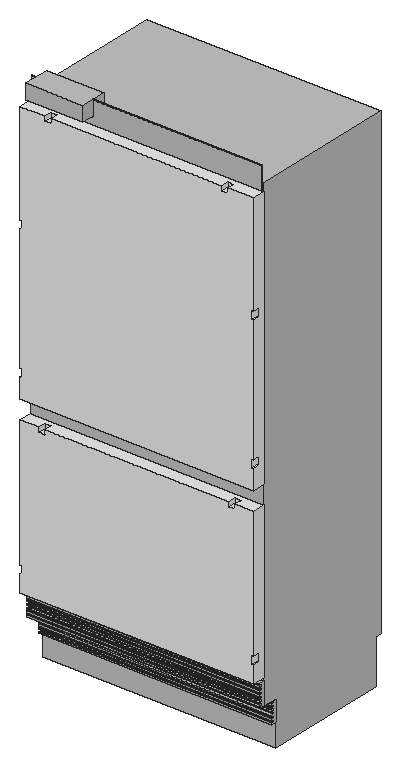
Revit family "FP_Revit_18_RS9120WLJ1_Fridge_90001178A", category Specialty Equipment, Revit 2018
Family settings
  Round Connector Dimension = Use Diameter
  Part Type = Normal
  OmniClass Number = 23.40.40.11.11.17
  OmniClass Title = Refrigerator-Freezer
  Work Plane-Based = No
  Always vertical = Yes
  Cut with Voids When Loaded = Yes
  Shared = No
  Room Calculation Point = No
Parameters
  Visibility - Visibility Control Note = yes
  Visibility - Clearance Required = yes
  URL = "www.fisherpaykel.com"
  Stainless Steel Door Panels (RD9120WL) = no
  Product - Width = 906 mm  # constant formula
  Product - Height = 2028 mm  # constant formula
  Product - Depth = 606 mm  # constant formula
  Model = "RS9120WLJ1"
  Material - Door Structure = Fisher & Paykel - White
  Material - Door Front = Fisher & Paykel - Stainless Steel
  Material - Body = Fisher & Paykel - Grey
  Manufacturer = "Fisher & Paykel Appliances"
  Handle Style - Contemporary Square Fine Black (AHD5RD9120WB) = no
  Handle Style - Contemporary Square Fine (AHD5RD9120W) = no
  Handle Style - Contemporary Square (RS91W) = no
  Handle Style - Contemporary Round (25339 AHS-ASBI-B) = no
  Handle Offset = 870 mm  # constant formula
  Description = "91cm Integrated Refrigerator Freezer, Ice"
  Connector Description - Water = "13mm or 19mm BSP threaded water connection 6.35mm tubing"
  Connector Description - Electrical = "230 V, 50Hz, 10 A, fused electrical supply"
  Chassis - Width = 890 mm  # constant formula
  Chassis - Height = 1970 mm  # constant formula
  Chassis - Depth = 606 mm  # constant formula
  Cavity - Width = 914 mm  # constant formula
  Cavity - Height = 2032 mm  # constant formula
  Cavity - Depth = 635 mm  # constant formula
Reference planes
  plane 1 "Datum": y = 0
  plane 2: z = 0
  plane 3 "Center (Left/Right)": x = 0
  plane 4 "Cavity - Depth": y = 635
  plane 5 "Product - Depth": y = 606
  plane 6 "Cavity - Height": z = 2032
  plane 7 "Door Panel 18mm": y = -18
  plane 8 "Product - RHS": x = 453
  plane 9 "Product - LHS": x = -453
  plane 10 "Product - Height": z = 2028
  plane 11 "Cavity - RHS": x = 457
  plane 12 "Cavity - LHS": x = -457
  plane 13 "Handle Offset": x = 387.98
Forms (mm)
  Extrusion 1, solid, material "Fisher & Paykel - Clearance Required", visible <- "Visibility - Clearance Required", detail levels coarse
    sketch origin (0, 0, 0) x (1, 0, 0) y (0, 1, 0)
      loop
        line (-457, 635) -> (-457, 0) -> (457, 0) -> (457, 635) -> (-457, 635)
    from 0 to 2032
  Extrusion 2, solid, material "Fisher & Paykel - Clearance Required", visible <- "Visibility - Clearance Required", detail levels coarse
    sketch origin (0, 0, 0) x (1, 0, 0) y (0, 1, 0)
      loop
        arc (-453, -18) -> (-45.989, -808.668) -> (841.563, -864.024) r 900.279
        line (841.563, -864.024) -> (817.765, -812.207) -> (854.623, -795.279) -> (848.228, -781.355) -> (811.37, -798.283) -> (453, -18) -> (-453, -18)
    from 877.998 to 2032
  Extrusion 3, solid, material "Fisher & Paykel - White" <- "Material - Door Structure"
    sketch origin (0, 0, 0) x (1, 0, 0) y (0, 0, 1)
      loop
        line (-445, 1939.998) -> (-445, 938.998) -> (445, 938.998) -> (445, 1939.998) -> (-445, 1939.998)
      loop
        line (-445, 867.998) -> (-445, 276.998) -> (445, 276.998) -> (445, 867.998) -> (-445, 867.998)
    from -50 to 0
  Extrusion 4, solid, material "Fisher & Paykel - Grey" <- "Material - Body"
    sketch origin (0, 0, 0) x (0, 1, 0) y (0, 0, 1)
      loop
        line (50, 181.998) -> (106, 181.998) -> (106, 12.998) -> (584, 12.998) -> (584, 181.998) -> (606, 181.998) -> (606, 1970) -> (50, 1970) -> (50, 181.998)
    from -445 to 445
  Extrusion 5, solid, material "Fisher & Paykel - Grey" <- "Material - Body", detail levels fine
    sketch origin (0, 0, 0) x (0, 1, 0) y (0, 0, 1)
      loop
        line (106, 176.998) -> (96, 176.998) -> (96, 170.998) -> (88, 170.998) -> (88, 165.998) -> (96, 165.998) -> (96, 157.998) -> (88, 157.998) -> (88, 152.998) -> (96, 152.998) -> (96, 144.998) -> (88, 144.998) -> (88, 139.998) -> (96, 139.998) -> (96, 131.998) -> (88, 131.998) -> (88, 126.998) -> (96, 126.998) -> (96, 118.998) -> (88, 118.998) -> (88, 113.998) -> (96, 113.998) -> (96, 105.998) -> (88, 105.998) -> (88, 100.998) -> (106, 100.998) -> (106, 176.998)
      loop
        line (32, 265.998) -> (32, 259.998) -> (40, 259.998) -> (40, 251.998) -> (32, 251.998) -> (32, 246.998) -> (40, 246.998) -> (40, 238.998) -> (32, 238.998) -> (32, 233.998) -> (40, 233.998) -> (40, 225.998) -> (32, 225.998) -> (32, 220.998) -> (40, 220.998) -> (40, 212.998) -> (32, 212.998) -> (32, 207.998) -> (40, 207.998) -> (40, 199.998) -> (32, 199.998) -> (32, 194.998) -> (40, 194.998) -> (40, 186.998) -> (32, 186.998) -> (32, 181.998) -> (50, 181.998) -> (50, 265.998) -> (32, 265.998)
    from -445 to 445
  Extrusion 6, void
    sketch origin (0, 0, 0) x (1, 0, 0) y (0, 0, 1)
      loop
        line (-373.5, 867.998) -> (-373.5, 851.998) -> (-350.5, 851.998) -> (-350.5, 867.998) -> (-373.5, 867.998)
      loop
        line (350.5, 867.998) -> (350.5, 851.998) -> (373.5, 851.998) -> (373.5, 867.998) -> (350.5, 867.998)
      loop
        line (445, 372.998) -> (437.8, 372.998) -> (437.8, 342.998) -> (445, 342.998) -> (445, 372.998)
      loop
        line (326.25, 1939.998) -> (326.25, 1923.398) -> (349.25, 1923.398) -> (349.25, 1939.998) -> (326.25, 1939.998)
      loop
        line (-349.25, 1939.998) -> (-349.25, 1923.398) -> (-326.184, 1923.398) -> (-326.184, 1939.998) -> (-349.25, 1939.998)
      loop
        line (445, 1522.498) -> (445, 1552.498) -> (437.8, 1552.498) -> (437.8, 1522.498) -> (445, 1522.498)
      loop
        line (437.8, 1044.998) -> (437.8, 1014.998) -> (445, 1014.998) -> (445, 1044.998) -> (437.8, 1044.998)
      loop
        line (-445, 372.998) -> (-445, 342.998) -> (-437.8, 342.998) -> (-437.8, 372.998) -> (-445, 372.998)
      loop
        line (-445, 1522.498) -> (-437.8, 1522.498) -> (-437.8, 1552.498) -> (-445, 1552.498) -> (-445, 1522.498)
      loop
        line (-437.8, 1044.998) -> (-445, 1044.998) -> (-445, 1014.998) -> (-437.8, 1014.998) -> (-437.8, 1044.998)
    from -27.955 to 0
  Extrusion 7, solid, material "Fisher & Paykel - Grey" <- "Material - Body", detail levels medium+fine
    sketch origin (0, 0, 0) x (1, 0, 0) y (0, 0, 1)
      loop
        line (-205, 2027.998) -> (-422, 2027.998) -> (-422, 1969.998) -> (-205, 1969.998) -> (-205, 2027.998)
    from -98 to 0
  Extrusion 8, solid, material "Fisher & Paykel - Grey" <- "Material - Body", detail levels medium+fine
    sketch origin (0, 0, 0) x (1, 0, 0) y (0, 0, 1)
      loop
        line (439, 2027.998) -> (-205, 2027.998) -> (-205, 1969.998) -> (-422, 1969.998) -> (-422, 2027.998) -> (-439, 2027.998) -> (-439, 1939.998) -> (439, 1939.998) -> (439, 2027.998)
    from -48 to -46
  Extrusion 9, solid, material "Fisher & Paykel - Stainless Steel" <- "Material - Door Front", visible <- "Stainless Steel Door Panels (RD9120WL)"
    sketch origin (0, 0, 0) x (1, 0, 0) y (0, 0, 1)
      loop
        line (-453, 2027.998) -> (-453, 877.998) -> (453, 877.998) -> (453, 2027.998) -> (-453, 2027.998)
      loop
        line (453, 873.998) -> (-453, 873.998) -> (-453, 101.998) -> (453, 101.998) -> (453, 873.998)
    from 0 to 18
  Extrusion 10, solid, material "Fisher & Paykel - Clearance Required", visible <- "Visibility - Clearance Required", detail levels coarse
    sketch origin (0, 0, 0) x (0, 1, 0) y (0, 0, 1)
      loop
        line (-18, 873.998) -> (-382, 873.998) -> (-382, 808.976) -> (-424, 808.976) -> (-424, 792.976) -> (-382, 792.976) -> (-382, 101.998) -> (-18, 101.998) -> (-18, 873.998)
    from -457 to 457
  Extrusion 11, solid, material "Fisher & Paykel - Grey" <- "Material - Body", detail levels medium+fine
    sketch origin (0, 0, 0) x (0, 1, 0) y (0, 0, 1)
      loop
        arc (115.288, 12.998) -> (136, 0) -> (156.712, 12.998) r 23.002
        line (156.712, 12.998) -> (115.288, 12.998)
      loop
        arc (518.288, 12.998) -> (539, 0) -> (559.712, 12.998) r 23.002
        line (559.712, 12.998) -> (518.288, 12.998)
    from 401.5 to 428.5
  Extrusion 12, solid, material "Fisher & Paykel - Grey" <- "Material - Body", detail levels medium+fine
    sketch origin (0, 0, 0) x (0, 1, 0) y (0, 0, -1)
      loop
        line (115.288, -12.998) -> (156.712, -12.998)
        arc (156.712, -12.998) -> (136, 0) -> (115.288, -12.998) r 23.002
      loop
        line (518.288, -12.998) -> (559.712, -12.998)
        arc (559.712, -12.998) -> (539, 0) -> (518.288, -12.998) r 23.002
    from 401.5 to 428.5
  Extrusion 13, solid, material "Fisher & Paykel - Grey" <- "Material - Body", detail levels medium+fine
    sketch origin (0, 0, 0) x (1, 0, 0) y (0, 0, 1)
      loop
        circle (300, 75) r 4
      loop
        circle (-300, 75) r 4
    from -606 to -584
  Extrusion 14, void
    sketch origin (0, 0, 0) x (1, 0, 0) y (0, 1, 0)
      loop
        line (-457, 0) -> (-457, -18) -> (457, -18) -> (457, 0) -> (-457, 0)
    from 0 to 2032
  Extrusion 15, void
    sketch origin (0, 0, 0) x (1, 0, 0) y (0, 1, 0)
      loop
        line (-457, 635) -> (-457, 0) -> (457, 0) -> (457, 635) -> (-457, 635)
    from 0 to 2032
Cuts and joins
  Extrusion 6 cuts Extrusion 2
  Extrusion 6 cuts Extrusion 3
Lines and regions (mm)
  model lines, style "Fisher & Paykel"
    curve 1: line (-453, 0, 2027.998) -> (453, 0, 2027.998)
    curve 2: line (-453, 0, 877.998) -> (-453, 0, 2027.998)
    curve 3: line (453, 0, 877.998) -> (-453, 0, 877.998)
    curve 4: line (453, 0, 2027.998) -> (453, 0, 877.998)
    curve 5: line (453, 0, 873.998) -> (-453, 0, 873.998)
    curve 6: line (453, 0, 101.998) -> (453, 0, 873.998)
    curve 7: line (-453, 0, 101.998) -> (453, 0, 101.998)
    curve 8: line (-453, 0, 873.998) -> (-453, 0, 101.998)
  model lines, style "Fisher & Paykel", not visible
    curve 9: line (-453, 0, 2027.998) -> (453, 0, 2027.998)
    curve 10: line (-453, 0, 877.998) -> (-453, 0, 2027.998)
    curve 11: line (453, 0, 877.998) -> (-453, 0, 877.998)
    curve 12: line (453, 0, 2027.998) -> (453, 0, 877.998)
    curve 13: line (453, 0, 873.998) -> (-453, 0, 873.998)
    curve 14: line (453, 0, 101.998) -> (453, 0, 873.998)
    curve 15: line (-453, 0, 101.998) -> (453, 0, 101.998)
    curve 16: line (-453, 0, 873.998) -> (-453, 0, 101.998)
Text (mm)
  text "Due to ongoing product development, product details are subject to change without notice. \nPlease always refer to www.fisherpaykel.com for the most current product information. \n© Fisher & Paykel 2020" at (41.04, -623.295, 0), in view "Ref. Level (Plan)"
Dimensions and locks
  "Chassis - Width": Extrusion 4 to Extrusion 4
  equal spacing: plane 9 "Product - LHS", plane 3 "Center (Left/Right)", plane 8 "Product - RHS"
  "Product - Width": plane 9 "Product - LHS" to plane 8 "Product - RHS"
  "Cavity - Height": plane 6 "Cavity - Height" to level
  "Product - Height": plane 10 "Product - Height" to level
  equal spacing: plane 12 "Cavity - LHS", plane 3 "Center (Left/Right)", plane 11 "Cavity - RHS"
  "Cavity - Width": plane 12 "Cavity - LHS" to plane 11 "Cavity - RHS"
  "Chassis - Depth": plane 5 "Product - Depth" to plane 1 "Datum"
  "Cavity - Depth": plane 4 "Cavity - Depth" to plane 1 "Datum"
  plane 5 "Product - Depth" to plane 7 "Door Panel 18mm" = 624 mm
  locked: plane 7 "Door Panel 18mm" to plane 1 "Datum" at 18
  plane 9 "Product - LHS" to plane 13 "Handle Offset" = 840.98 mm
  "Chassis - Height": Extrusion 4 to level
  aligned and locked: level to plane 2
  aligned and locked: plane 6 "Cavity - Height" to Extrusion 1
  aligned and locked: Extrusion 8 sketch curve to Extrusion 8 sketch curve
Automatic sketch dimensions
  plane 1 "Datum" to Extrusion 1 sketch curve = 0 mm
  Extrusion 1 sketch curve to plane 12 "Cavity - LHS" = 0 mm
  Extrusion 1 sketch curve to plane 11 "Cavity - RHS" = 0 mm
  Extrusion 1 sketch curve to plane 4 "Cavity - Depth" = 0 mm
  Extrusion 2 sketch curve to plane 7 "Door Panel 18mm" = 0 mm
  plane 9 "Product - LHS" to Extrusion 2 sketch curve = 0 mm
  Extrusion 2 sketch curve to plane 8 "Product - RHS" = 6.483 mm
  plane 8 "Product - RHS" to Extrusion 2 sketch curve = 0 mm
  plane 11 "Cavity - RHS" to Extrusion 2 sketch curve = 354.37 mm
  Extrusion 2 sketch curve to Extrusion 2 sketch curve = 6.395 mm  (x2)
  Extrusion 2 sketch curve to Extrusion 2 sketch curve = 23.799 mm
  Extrusion 2 sketch curve to Extrusion 2 sketch curve = 36.858 mm
  Extrusion 2 sketch curve to plane 7 "Door Panel 18mm" = 37.049 mm
  Extrusion 3 sketch curve to plane 9 "Product - LHS" = 8 mm  (x2)
  Extrusion 3 sketch curve to plane 8 "Product - RHS" = 8 mm  (x2)
  level to Extrusion 3 sketch curve = 276.998 mm
  Extrusion 3 sketch curve to Extrusion 3 sketch curve = 591 mm
  Extrusion 3 sketch curve to Extrusion 3 sketch curve = 71 mm
  Extrusion 3 sketch curve to plane 10 "Product - Height" = 88.002 mm
  Extrusion 4 sketch curve to plane 5 "Product - Depth" = 0 mm
  Extrusion 4 sketch curve to plane 5 "Product - Depth" = 22 mm
  level to Extrusion 4 sketch curve = 12.998 mm
  Extrusion 4 sketch curve to plane 1 "Datum" = 106 mm
  Extrusion 4 sketch curve to plane 1 "Datum" = 50 mm
  Extrusion 4 sketch curve to Extrusion 4 sketch curve = 169 mm  (x2)
  Extrusion 4 sketch curve to plane 10 "Product - Height" = 58 mm
  Extrusion 5 sketch curve to plane 1 "Datum" = 32 mm  (x2)
  Extrusion 5 sketch curve to Extrusion 5 sketch curve = 0 mm  (x19)
  Extrusion 5 sketch curve to Extrusion 5 sketch curve = 8 mm  (x14)
  Extrusion 5 sketch curve to Extrusion 5 sketch curve = 10 mm  (x2)
  Extrusion 5 sketch curve to Extrusion 5 sketch curve = 38 mm
  level to Extrusion 5 sketch curve = 100.998 mm
  Extrusion 5 sketch curve to Extrusion 5 sketch curve = 5 mm  (x12)
  Extrusion 5 sketch curve to Extrusion 5 sketch curve = 6 mm  (x2)
  Extrusion 5 sketch curve to Extrusion 5 sketch curve = 11 mm
  Extrusion 6 sketch curve to plane 9 "Product - LHS" = 8 mm  (x3)
  Extrusion 6 sketch curve to Extrusion 6 sketch curve = 7.2 mm  (x6)
  Extrusion 6 sketch curve to Extrusion 6 sketch curve = 23 mm  (x3)
  Extrusion 6 sketch curve to Extrusion 6 sketch curve = 23.066 mm
  Extrusion 6 sketch curve to plane 8 "Product - RHS" = 126.75 mm
  Extrusion 6 sketch curve to plane 8 "Product - RHS" = 102.5 mm
  Extrusion 6 sketch curve to plane 8 "Product - RHS" = 15.2 mm  (x3)
  level to Extrusion 6 sketch curve = 342.998 mm  (x2)
  Extrusion 6 sketch curve to Extrusion 6 sketch curve = 30 mm  (x6)
  Extrusion 6 sketch curve to Extrusion 6 sketch curve = 479 mm  (x2)
  Extrusion 6 sketch curve to Extrusion 6 sketch curve = 16 mm  (x2)
  Extrusion 6 sketch curve to Extrusion 6 sketch curve = 147 mm  (x2)
  Extrusion 6 sketch curve to Extrusion 6 sketch curve = 477.5 mm  (x2)
  Extrusion 6 sketch curve to plane 10 "Product - Height" = 104.602 mm  (x2)
  Extrusion 6 sketch curve to Extrusion 6 sketch curve = 16.6 mm  (x2)
  Extrusion 8 sketch curve to plane 9 "Product - LHS" = 14 mm
  Extrusion 8 sketch curve to plane 10 "Product - Height" = 0.002 mm
  Extrusion 8 sketch curve to plane 3 "Center (Left/Right)" = 422 mm
  Extrusion 8 sketch curve to plane 8 "Product - RHS" = 658 mm
  Extrusion 8 sketch curve to plane 8 "Product - RHS" = 14 mm
  Extrusion 8 sketch curve to Extrusion 8 sketch curve = 58 mm
  Extrusion 8 sketch curve to Extrusion 8 sketch curve = 88 mm
  plane 9 "Product - LHS" to Extrusion 9 sketch curve = 0 mm  (x2)
  plane 8 "Product - RHS" to Extrusion 9 sketch curve = 0 mm  (x2)
  level to Extrusion 9 sketch curve = 101.998 mm
  Extrusion 9 sketch curve to Extrusion 9 sketch curve = 772 mm
  Extrusion 9 sketch curve to Extrusion 9 sketch curve = 4 mm
  Extrusion 9 sketch curve to plane 10 "Product - Height" = 0.002 mm
  Extrusion 10 sketch curve to plane 7 "Door Panel 18mm" = 0 mm
  Extrusion 10 sketch curve to Extrusion 10 sketch curve = 364 mm
  Extrusion 10 sketch curve to Extrusion 10 sketch curve = 0 mm
  Extrusion 10 sketch curve to Extrusion 10 sketch curve = 42 mm
  level to Extrusion 10 sketch curve = 101.998 mm
  Extrusion 10 sketch curve to Extrusion 10 sketch curve = 690.978 mm
  Extrusion 10 sketch curve to Extrusion 10 sketch curve = 16 mm
  Extrusion 10 sketch curve to Extrusion 10 sketch curve = 65.022 mm
  level to Extrusion 11 sketch curve = 12.998 mm  (x2)
  Extrusion 11 sketch curve to plane 1 "Datum" = 115.288 mm
  Extrusion 11 sketch curve to Extrusion 11 sketch curve = 20.712 mm  (x2)
  Extrusion 11 sketch curve to plane 5 "Product - Depth" = 87.712 mm
  level to Extrusion 11 sketch curve = 23.002 mm  (x2)
  level to Extrusion 12 sketch curve = 12.998 mm  (x2)
  Extrusion 12 sketch curve to plane 1 "Datum" = 115.288 mm
  Extrusion 12 sketch curve to Extrusion 12 sketch curve = 20.712 mm  (x2)
  Extrusion 12 sketch curve to plane 5 "Product - Depth" = 87.712 mm
  level to Extrusion 12 sketch curve = 23.002 mm  (x2)
  level to Extrusion 13 sketch curve = 75 mm  (x2)
  Extrusion 13 sketch curve to plane 8 "Product - RHS" = 153 mm
  Extrusion 14 sketch curve to plane 7 "Door Panel 18mm" = 0 mm
  Extrusion 14 sketch curve to plane 12 "Cavity - LHS" = 0 mm
  Extrusion 14 sketch curve to plane 11 "Cavity - RHS" = 0 mm
  plane 1 "Datum" to Extrusion 14 sketch curve = 0 mm
  plane 1 "Datum" to Extrusion 15 sketch curve = 0 mm
  Extrusion 15 sketch curve to plane 12 "Cavity - LHS" = 0 mm
  Extrusion 15 sketch curve to plane 11 "Cavity - RHS" = 0 mm
  Extrusion 15 sketch curve to plane 4 "Cavity - Depth" = 0 mm
  Extrusion 7 sketch curve to plane 10 "Product - Height" = 0.002 mm
  Extrusion 7 sketch curve to plane 9 "Product - LHS" = 31 mm
  Extrusion 7 sketch curve to plane 10 "Product - Height" = 58.002 mm
  Extrusion 6 sketch curve to plane 9 "Product - LHS" = 79.5 mm
  Extrusion 6 sketch curve to plane 9 "Product - LHS" = 103.75 mm
  Extrusion 7 sketch curve to plane 3 "Center (Left/Right)" = 205 mm
  Extrusion 13 sketch curve to plane 9 "Product - LHS" = 153 mm
  radius of Extrusion 13 sketch curve = 4 mm  (x2)
Nested families
  nested 1: "F&P Handle Kit - Contemporary Square - Horizontal" at (0, -18, 800.998), visible <- "Handle Style - Contemporary Square (RS91W)", type "RS91W - Contemporary square handle (2 of 2) (Horizontal) 727mm"
  nested 2: "F&P Handle Kit - Contemporary Square - Vertical" at (387.98, -18, 1306.498), visible <- "Handle Style - Contemporary Square (RS91W)", type "RS91W - Contemporary square handle (1 of 2) (Vertical) 727mm"
  nested 3: "F&P Handle Kit - Contemporary Square Fine - Horizontal" at (0, -18, 801.002), visible <- "Handle Style - Contemporary Square Fine (AHD5RD9120W)", type "AHD5RD9120W - Contemporary square fine handle (2 of 2) (Horizontal) 746mm"
  nested 4: "F&P Handle Kit - Contemporary Square Fine - Vertical" at (387.98, -18, 1306.498), visible <- "Handle Style - Contemporary Square Fine (AHD5RD9120W)", type "AHD5RD9120W - Contemporary square fine handle (1 of 2) (Vertical) 727mm"
  nested 5: "F&P Handle Kit - Contemporary Square Fine - Horizontal" at (0, -18, 801.002), visible <- "Handle Style - Contemporary Square Fine Black (AHD5RD9120WB)", type "AHD5RD9120WB - Contemporary square fine handle (2 of 2) (Horizontal) 746mm"
  nested 6: "F&P Handle Kit - Contemporary Square Fine - Vertical" at (387.98, -18, 1306.498), visible <- "Handle Style - Contemporary Square Fine Black (AHD5RD9120WB)", type "AHD5RD9120WB - Contemporary square fine handle (1 of 2) (Vertical) 727mm"
  nested 7: "F&P Handle Kit - Contemporary Round - Horizontal" at (0, -18, 801.002), visible <- "Handle Style - Contemporary Round (25339 AHS-ASBI-B)", type "25339 AHS-ASBI-B - Contemporary round handle (2 of 2) (Horizontal) 746mm"
  nested 8: "F&P Handle Kit - Contemporary Round - Vertical" at (387.98, -18, 1306.498), visible <- "Handle Style - Contemporary Round (25339 AHS-ASBI-B)", type "25339 AHS-ASBI-B - Contemporary round handle (1 of 2) (Vertical) 727mm"
  nested 9: "Visibility Control Note 18" at (0, 0, 0), visible <- "Visibility - Visibility Control Note", type "Visibility Control Note 18"
Connectors
  electrical at (300, 606, 75), driven by "Connector Description - Electrical"
    settings: on Extrusion 13, index 1, voltage 230 V, apparent load 0 VA, apparent load phase1 0 VA, apparent load phase2 0 VA, apparent load phase3 0 VA, power factor 1, load classification "Other", number of poles 1, system type 30, power factor state 1, is connector primary yes, connector utility no, sub classification motor no, connector description "230 V, 50Hz, 10 A, fused electrical supply"
  piping at (-300, 606, 75), diameter 6, driven by "Connector Description - Water"
    settings: on Extrusion 13, index 2, connector inside diameter 609.6 mm, connector length 0 mm, flow factor 0, pipe flow 0.0 L/s, pressure drop 0.0 Pa, fitting loss kfactor 0, connector angle 0.00°, fixture units 0, engagement length 0 mm, angle of deflection 0.00°, flow configuration 0, flow direction 1, fitting loss method 0, system type 20, joint type 0, gender type 0, connector reference index -1, connector utility 0, adjustable connector no, is connector primary yes, connector description "13mm or 19mm BSP threaded water connection 6.35mm tubing"
Definition of nested family "F&P Handle Kit - Contemporary Square - Horizontal"
  Parameters (values of type "RS91W - Contemporary square handle (2 of 2) (Horizontal) 727mm")
    URL = "www.fisherpaykel.com"
    Material - Handle = none
    Manufacturer = "Fisher & Paykel Appliances"
    Handle - Length = 727 mm
  Types (12, lengths in mm): name | Handle - Length
    (no name) | 727
    AHD3RD2484W - Contemporary square handle (2 of 2) (Horizontal) 494mm | 494
    AHD3RD3084W - Contemporary square handle (2 of 2) (Horizontal) 646mm | 646
    AHD3RS3272A - Contemporary square handle (2 of 2) (Horizontal) 646mm | 646
    AHD3RS80A - Contemporary square handle (2 of 2) (Horizontal) 646mm | 646
    AHD3RD6121W - Contemporary square handle (2 of 2) (Horizontal) 494mm | 494
    AHD3RD7621W - Contemporary square handle (2 of 2) (Horizontal) 646mm | 646
    RS36A - Contemporary square handle (2 of 2) (Horizontal) 746mm | 746
    RS90A - Contemporary square handle (2 of 2) (Horizontal) 746mm | 746
    RS36W - Contemporary square handle (2 of 2) (Horizontal) 727mm | 727
    RS36WC - Contemporary square handle (2 of 2) (Horizontal) 727mm | 727
    RS91W - Contemporary square handle (2 of 2) (Horizontal) 727mm | 727
  Reference planes
    plane 1 "Center (Front/Back)": y = 0
    plane 2: z = 0
    plane 3 "Center (Left/Right)": x = 0
    plane 4 "Product LHS": x = -363.5
    plane 5 "Product RHS": x = 363.5
    plane 6 "LHS Standoff": x = -243.495
    plane 7 "RHS Standoff": x = 243.505
  Forms (mm)
    Extrusion 1, solid, material <- "Material - Handle", detail levels fine
      sketch origin (0, 0, 0) x (0, 1, 0) y (0, 0, 1)
        loop
          arc (-28.701, 7.561) -> (-29.057, 7.868) -> (-29.514, 7.978) r 1
          line (-29.514, 7.978) -> (-40.5, 7.978)
          arc (-40.5, 7.978) -> (-41.561, 7.539) -> (-42, 6.478) r 1.5
          line (-42, 6.478) -> (-42, -6.522)
          arc (-42, -6.522) -> (-41.561, -7.583) -> (-40.5, -8.022) r 1.5
          line (-40.5, -8.022) -> (-29.487, -8.022)
          arc (-29.487, -8.022) -> (-29.029, -7.911) -> (-28.673, -7.602) r 1
          arc (-28.673, -7.602) -> (-26.256, -0.016) -> (-28.701, 7.561) r 13.038
      from -363.5 to 363.5
    Extrusion 2, solid, material <- "Material - Handle", detail levels fine
      sketch origin (0, 0, 0) x (0, 1, 0) y (0, 0, 1)
        loop
          arc (-28.23, 7.062) -> (-26.156, 0.008) -> (-28.198, -7.056) r 13.136
          arc (-28.198, -7.056) -> (-28.21, -7.463) -> (-27.86, -7.67) r 0.4
          line (-27.86, -7.67) -> (0, -7.67) -> (0, 7.678) -> (-27.893, 7.678)
          arc (-27.893, 7.678) -> (-28.244, 7.47) -> (-28.23, 7.062) r 0.4
      from 243.505 to 363.5
    Extrusion 3, solid, material <- "Material - Handle", detail levels fine
      sketch origin (0, 0, 0) x (0, 1, 0) y (0, 0, -1)
        loop
          arc (-28.23, -7.062) -> (-28.244, -7.47) -> (-27.893, -7.678) r 0.4
          line (-27.893, -7.678) -> (0, -7.678) -> (0, 7.67) -> (-27.86, 7.67)
          arc (-27.86, 7.67) -> (-28.21, 7.463) -> (-28.198, 7.056) r 0.4
          arc (-28.198, 7.056) -> (-26.156, -0.008) -> (-28.23, -7.062) r 13.136
      from 243.495 to 363.5
    Sweep 4, void
      path in 3D
        loop
          line (363.5, -29.514, 7.978) -> (363.5, -40.5, 7.978)
          arc (363.5, -40.5, 7.978) -> (363.5, -41.561, 7.539) -> (363.5, -42, 6.478) r 1.5
          line (363.5, -42, 6.478) -> (363.5, -42, -6.522)
          arc (363.5, -42, -6.522) -> (363.5, -41.561, -7.583) -> (363.5, -40.5, -8.022) r 1.5
          line (363.5, -40.5, -8.022) -> (363.5, -29.487, -8.022)
      profile origin (363.5, -35.007, 7.978) x (1, 0, 0) y (0, 0, 1)
        loop
          line (0, 0) -> (-1.3, 0) -> (0, -1.3) -> (0, 0)
    Sweep 5, void
      path in 3D
        loop
          line (-363.5, -29.487, -8.022) -> (-363.5, -40.5, -8.022)
          arc (-363.5, -40.5, -8.022) -> (-363.5, -41.561, -7.583) -> (-363.5, -42, -6.522) r 1.5
          line (-363.5, -42, -6.522) -> (-363.5, -42, 6.478)
          arc (-363.5, -42, 6.478) -> (-363.5, -41.561, 7.539) -> (-363.5, -40.5, 7.978) r 1.5
          line (-363.5, -40.5, 7.978) -> (-363.5, -29.514, 7.978)
      profile origin (-363.5, -35.007, 7.978) x (-1, 0, 0) y (0, 0, 1)
        loop
          line (0, 0) -> (-1.3, 0) -> (0, -1.3) -> (0, 0)
    Extrusion 6, void
      sketch origin (0, 0, 0) x (1, 0, 0) y (0, 0, 1)
        loop
          line (363.5, 7.978) -> (362.2, 7.978) -> (363.5, 6.678) -> (363.5, 7.978)
        loop
          line (363.5, -8.022) -> (363.5, -6.722) -> (362.2, -8.022) -> (363.5, -8.022)
      from 0 to 40
    Extrusion 7, void
      sketch origin (0, 0, 0) x (1, 0, 0) y (0, 0, 1)
        loop
          line (-363.5, 7.978) -> (-363.5, 6.678) -> (-362.2, 7.978) -> (-363.5, 7.978)
        loop
          line (-363.5, -8.022) -> (-362.2, -8.022) -> (-363.5, -6.722) -> (-363.5, -8.022)
      from 0 to 40
    Extrusion 8, solid, material <- "Material - Handle", detail levels coarse+medium
      sketch origin (0, 0, 0) x (1, 0, 0) y (0, 1, 0)
        loop
          line (-363.5, -42) -> (363.5, -42) -> (363.5, 0) -> (243.505, 0) -> (243.505, -26.156) -> (-243.495, -26.156) -> (-243.495, 0) -> (-363.5, 0) -> (-363.5, -42)
      from -8.022 to 7.978
  Cuts and joins
    Sweep 4, Sweep 5, Extrusion 6, Extrusion 7 cuts Extrusion 1
    Extrusion 6 cuts Extrusion 2
    Extrusion 7 cuts Extrusion 3
  Lines and regions (mm)
    sketch lines
      curve 1: line (363.5, -29.514, 7.978) -> (363.5, -40.5, 7.978)
      curve 2: arc (363.5, -42, 6.478) -> (363.5, -41.561, 7.539) -> (363.5, -40.5, 7.978) r 1.5
      curve 3: line (363.5, -42, 6.478) -> (363.5, -42, -6.522)
      curve 4: arc (363.5, -40.5, -8.022) -> (363.5, -41.561, -7.583) -> (363.5, -42, -6.522) r 1.5
      curve 5: line (363.5, -40.5, -8.022) -> (363.5, -29.487, -8.022)
      curve 6: line (-363.5, -40.5, 7.978) -> (-363.5, -29.514, 7.978)
      curve 7: arc (-363.5, -40.5, 7.978) -> (-363.5, -41.561, 7.539) -> (-363.5, -42, 6.478) r 1.5
      curve 8: line (-363.5, -42, -6.522) -> (-363.5, -42, 6.478)
      curve 9: arc (-363.5, -42, -6.522) -> (-363.5, -41.561, -7.583) -> (-363.5, -40.5, -8.022) r 1.5
      curve 10: line (-363.5, -29.487, -8.022) -> (-363.5, -40.5, -8.022)
  Dimensions and locks
    equal spacing: plane 4 "Product LHS", plane 3 "Center (Left/Right)", plane 5 "Product RHS"
    "Handle - Length": plane 4 "Product LHS" to plane 5 "Product RHS"
    locked: plane 4 "Product LHS" to plane 6 "LHS Standoff" at 120.005
    locked: plane 7 "RHS Standoff" to plane 5 "Product RHS" at 119.995
    aligned and locked: level to plane 2
    aligned and locked: Extrusion 1 to plane 5 "Product RHS"
    aligned and locked: plane 4 "Product LHS" to Extrusion 1
    aligned and locked: Extrusion 2 to plane 5 "Product RHS"
    aligned and locked: plane 4 "Product LHS" to Extrusion 3
    aligned and locked: plane 4 "Product LHS" to Extrusion 8 sketch curve
    aligned and locked: Extrusion 8 sketch curve to plane 5 "Product RHS"
    aligned and locked: Extrusion 8 sketch curve to plane 7 "RHS Standoff"
    aligned and locked: plane 6 "LHS Standoff" to Extrusion 8 sketch curve
    aligned and locked: Extrusion 2 to plane 7 "RHS Standoff"
    aligned and locked: plane 6 "LHS Standoff" to Extrusion 3
  Automatic sketch dimensions
    Extrusion 1 sketch curve to level = 6.522 mm
    plane 1 "Center (Front/Back)" to Extrusion 1 sketch curve = 42 mm
    Extrusion 1 sketch curve to Extrusion 1 sketch curve = 1.5 mm  (x2)
    Extrusion 1 sketch curve to level = 0.04 mm
    Extrusion 1 sketch curve to Extrusion 1 sketch curve = 1.206 mm
    level to Extrusion 1 sketch curve = 6.978 mm
    Extrusion 1 sketch curve to Extrusion 1 sketch curve = 10.986 mm
    Extrusion 1 sketch curve to Extrusion 1 sketch curve = 11.013 mm
    Extrusion 1 sketch curve to Extrusion 1 sketch curve = 1 mm
    level to Extrusion 1 sketch curve = 6.478 mm
    Extrusion 1 sketch curve to Extrusion 1 sketch curve = 0 mm
    Extrusion 2 sketch curve to plane 1 "Center (Front/Back)" = 0 mm
    Extrusion 2 sketch curve to level = 7.67 mm
    Extrusion 2 sketch curve to Extrusion 2 sketch curve = 27.86 mm
    level to Extrusion 2 sketch curve = 7.678 mm
    Extrusion 2 sketch curve to Extrusion 2 sketch curve = 0.033 mm
    Extrusion 2 sketch curve to level = 0.022 mm
    Extrusion 2 sketch curve to Extrusion 2 sketch curve = 11.398 mm
    Extrusion 2 sketch curve to Extrusion 2 sketch curve = 0.4 mm  (x2)
    Extrusion 2 sketch curve to Extrusion 2 sketch curve = 0 mm
    Extrusion 3 sketch curve to plane 1 "Center (Front/Back)" = 0 mm
    Extrusion 3 sketch curve to level = 7.67 mm
    Extrusion 3 sketch curve to Extrusion 3 sketch curve = 27.86 mm
    level to Extrusion 3 sketch curve = 7.678 mm
    Extrusion 3 sketch curve to Extrusion 3 sketch curve = 0.033 mm
    Extrusion 3 sketch curve to level = 0.022 mm
    Extrusion 3 sketch curve to Extrusion 3 sketch curve = 11.398 mm
    Extrusion 3 sketch curve to Extrusion 3 sketch curve = 0.4 mm  (x2)
    Extrusion 3 sketch curve to Extrusion 3 sketch curve = 0 mm
    profile plane to Sweep 4 sketch curve = 0 mm
    Sweep 4 sketch curve to profile plane = 0 mm
    Sweep 4 sketch curve to profile plane = 1.3 mm
    profile plane to Sweep 4 sketch curve = 1.3 mm
    Sweep 5 sketch curve to profile plane = 0 mm  (x2)
    profile plane to Sweep 5 sketch curve = 1.3 mm
    Sweep 5 sketch curve to profile plane = 1.3 mm
    plane 5 "Product RHS" to Extrusion 6 sketch curve = 0 mm  (x2)
    Extrusion 6 sketch curve to Extrusion 6 sketch curve = 1.3 mm  (x4)
    Extrusion 6 sketch curve to level = 6.722 mm
    level to Extrusion 6 sketch curve = 6.678 mm
    plane 4 "Product LHS" to Extrusion 7 sketch curve = 0 mm  (x2)
    Extrusion 7 sketch curve to plane 4 "Product LHS" = 1.3 mm  (x2)
    Extrusion 7 sketch curve to level = 8.022 mm
    level to Extrusion 7 sketch curve = 6.678 mm
    Extrusion 7 sketch curve to Extrusion 7 sketch curve = 1.3 mm  (x2)
    plane 1 "Center (Front/Back)" to Extrusion 8 sketch curve = 0 mm  (x2)
    Extrusion 8 sketch curve to Extrusion 8 sketch curve = 26.156 mm
    Extrusion 8 sketch curve to Extrusion 8 sketch curve = 42 mm
Definition of nested family "F&P Handle Kit - Contemporary Square - Vertical"
  Parameters (values of type "RS91W - Contemporary square handle (1 of 2) (Vertical) 727mm")
    URL = "www.fisherpaykel.com"
    Material - Handle = none
    Manufacturer = "Fisher & Paykel Appliances"
    Handle - Length = 727 mm
  Types (14, lengths in mm): name | Handle - Length
    (no name) | 727
    AHD3-RD21 - Contemporary square handle (Vertical) 852mm | 852
    AHD3RD2484W - Contemporary square handle (1 of 2) (Vertical) 727mm | 727
    AHD3RD3084W - Contemporary square handle (1 of 2) (Vertical) 727mm | 727
    AHD3-RD84 - Contemporary square handle (Vertical) 852mm | 852
    AHD3RS3272A - Contemporary square handle (1 of 2) (Vertical) 727mm | 727
    AHD3RS80A - Contemporary square handle (1 of 2) (Vertical) 727mm | 727
    AHD3RD6121W - Contemporary square handle (1 of 2) (Vertical) 727mm | 727
    AHD3RD7621W - Contemporary square handle (1 of 2) (Vertical) 727mm | 727
    RS36A - Contemporary square handle (1 of 2) (Vertical) 727mm | 727
    RS90A - Contemporary square handle (1 of 2) (Vertical) 727mm | 727
    RS36W - Contemporary square handle (1 of 2) (Vertical) 727mm | 727
    RS36WC - Contemporary square handle (1 of 2) (Vertical) 727mm | 727
    RS91W - Contemporary square handle (1 of 2) (Vertical) 727mm | 727
  Reference planes
    plane 1 "Center (Front/Back)": y = 0
    plane 2: z = 0
    plane 3 "Center (Left/Right)": x = 0
    plane 4 "Top": z = 363.5
    plane 5 "Bottom": z = -363.5
    plane 6 "Top Standoff": z = 243.5
    plane 7 "Bottom Standoff": z = -243.5
  Forms (mm)
    Extrusion 1, solid, material <- "Material - Handle", detail levels fine
      sketch origin (0, 0, 0) x (1, 0, 0) y (0, 1, 0)
        loop
          arc (-7.583, -28.701) -> (-7.89, -29.057) -> (-8, -29.514) r 1
          line (-8, -29.514) -> (-8, -40.5)
          arc (-8, -40.5) -> (-7.561, -41.561) -> (-6.5, -42) r 1.5
          line (-6.5, -42) -> (6.5, -42)
          arc (6.5, -42) -> (7.561, -41.561) -> (8, -40.5) r 1.5
          line (8, -40.5) -> (8, -29.487)
          arc (8, -29.487) -> (7.889, -29.029) -> (7.58, -28.673) r 1
          arc (7.58, -28.673) -> (-0.006, -26.256) -> (-7.583, -28.701) r 13.038
      from -363.5 to 363.5
    Extrusion 2, solid, material <- "Material - Handle", detail levels fine
      sketch origin (0, 0, 0) x (1, 0, 0) y (0, 1, 0)
        loop
          arc (7.058, -28.23) -> (7.466, -28.244) -> (7.674, -27.893) r 0.4
          line (7.674, -27.893) -> (7.674, 0) -> (-7.674, 0) -> (-7.674, -27.86)
          arc (-7.674, -27.86) -> (-7.467, -28.21) -> (-7.06, -28.198) r 0.4
          arc (-7.06, -28.198) -> (0.004, -26.156) -> (7.058, -28.23) r 13.136
      from 243.5 to 363.5
    Extrusion 3, solid, material <- "Material - Handle", detail levels fine
      sketch origin (0, 0, 0) x (1, 0, 0) y (0, 1, 0)
        loop
          arc (7.058, -28.23) -> (7.466, -28.244) -> (7.674, -27.893) r 0.4
          line (7.674, -27.893) -> (7.674, 0) -> (-7.674, 0) -> (-7.674, -27.86)
          arc (-7.674, -27.86) -> (-7.467, -28.21) -> (-7.06, -28.198) r 0.4
          arc (-7.06, -28.198) -> (0.004, -26.156) -> (7.058, -28.23) r 13.136
      from -363.5 to -243.5
    Sweep 4, void
      path in 3D
        loop
          line (-8, -29.514, 363.5) -> (-8, -40.5, 363.5)
          arc (-8, -40.5, 363.5) -> (-7.561, -41.561, 363.5) -> (-6.5, -42, 363.5) r 1.5
          line (-6.5, -42, 363.5) -> (6.5, -42, 363.5)
          arc (6.5, -42, 363.5) -> (7.561, -41.561, 363.5) -> (8, -40.5, 363.5) r 1.5
          line (8, -40.5, 363.5) -> (8, -29.487, 363.5)
      profile origin (8, -34.994, 363.5) x (-1, 0, 0) y (0, 0, 1)
        loop
          line (0, 0) -> (0, -1.3) -> (1.3, 0) -> (0, 0)
    Sweep 5, void
      path in 3D
        loop
          line (8, -29.487, -363.5) -> (8, -40.5, -363.5)
          arc (8, -40.5, -363.5) -> (7.561, -41.561, -363.5) -> (6.5, -42, -363.5) r 1.5
          line (6.5, -42, -363.5) -> (-6.5, -42, -363.5)
          arc (-6.5, -42, -363.5) -> (-7.561, -41.561, -363.5) -> (-8, -40.5, -363.5) r 1.5
          line (-8, -40.5, -363.5) -> (-8, -29.514, -363.5)
      profile origin (8, -34.994, -363.5) x (-1, 0, 0) y (0, 0, -1)
        loop
          line (0, 0) -> (0, -1.3) -> (1.3, 0) -> (0, 0)
    Extrusion 6, void
      sketch origin (0, 0, 0) x (1, 0, 0) y (0, 0, 1)
        loop
          line (-8, -362.2) -> (-8, -363.5) -> (-6.7, -363.5) -> (-8, -362.2)
        loop
          line (8, -362.2) -> (6.7, -363.5) -> (8, -363.5) -> (8, -362.2)
      from 0 to 40
    Extrusion 7, void
      sketch origin (0, 0, 0) x (1, 0, 0) y (0, 0, 1)
        loop
          line (-8, 363.5) -> (-8, 362.2) -> (-6.7, 363.5) -> (-8, 363.5)
        loop
          line (8, 363.5) -> (6.7, 363.5) -> (8, 362.2) -> (8, 363.5)
      from 0 to 40
    Extrusion 8, solid, material <- "Material - Handle", detail levels coarse+medium
      sketch origin (0, 0, 0) x (0, 1, 0) y (0, 0, 1)
        loop
          line (0, 363.5) -> (-42, 363.5) -> (-42, -363.5) -> (0, -363.5) -> (0, -243.5) -> (-26.245, -243.5) -> (-26.245, 243.5) -> (0, 243.5) -> (0, 363.5)
      from -8 to 8
  Cuts and joins
    Sweep 4, Sweep 5, Extrusion 6, Extrusion 7 cuts Extrusion 1
    Extrusion 6 cuts Extrusion 3
    Extrusion 7 cuts Extrusion 2
  Lines and regions (mm)
    sketch lines
      curve 1: line (8, -40.5, 363.5) -> (8, -29.487, 363.5)
      curve 2: arc (8, -40.5, 363.5) -> (7.561, -41.561, 363.5) -> (6.5, -42, 363.5) r 1.5
      curve 3: line (-6.5, -42, 363.5) -> (6.5, -42, 363.5)
      curve 4: arc (-6.5, -42, 363.5) -> (-7.561, -41.561, 363.5) -> (-8, -40.5, 363.5) r 1.5
      curve 5: line (-8, -29.514, 363.5) -> (-8, -40.5, 363.5)
      curve 6: line (8, -29.487, -363.5) -> (8, -40.5, -363.5)
      curve 7: arc (6.5, -42, -363.5) -> (7.561, -41.561, -363.5) -> (8, -40.5, -363.5) r 1.5
      curve 8: line (6.5, -42, -363.5) -> (-6.5, -42, -363.5)
      curve 9: arc (-8, -40.5, -363.5) -> (-7.561, -41.561, -363.5) -> (-6.5, -42, -363.5) r 1.5
      curve 10: line (-8, -40.5, -363.5) -> (-8, -29.514, -363.5)
  Dimensions and locks
    equal spacing: plane 4 "Top", level, plane 5 "Bottom"
    "Handle - Length": plane 4 "Top" to plane 5 "Bottom"
    locked: plane 4 "Top" to plane 6 "Top Standoff" at 120
    locked: plane 7 "Bottom Standoff" to plane 5 "Bottom" at 120
    aligned and locked: level to plane 2
    aligned and locked: plane 4 "Top" to Extrusion 2
    aligned and locked: Extrusion 2 to plane 6 "Top Standoff"
    aligned and locked: plane 4 "Top" to Extrusion 1
    aligned and locked: Extrusion 1 to plane 5 "Bottom"
    aligned and locked: Extrusion 3 to plane 5 "Bottom"
    aligned and locked: plane 7 "Bottom Standoff" to Extrusion 3
    aligned and locked: plane 4 "Top" to Extrusion 8 sketch curve
    aligned and locked: plane 6 "Top Standoff" to Extrusion 8 sketch curve
    aligned and locked: plane 7 "Bottom Standoff" to Extrusion 8 sketch curve
    aligned and locked: plane 5 "Bottom" to Extrusion 8 sketch curve
    aligned and locked: plane 1 "Center (Front/Back)" to Extrusion 8 sketch curve  (x2)
  Automatic sketch dimensions
    Extrusion 1 sketch curve to plane 3 "Center (Left/Right)" = 8 mm
    Extrusion 1 sketch curve to Extrusion 1 sketch curve = 1 mm  (x2)
    Extrusion 1 sketch curve to Extrusion 1 sketch curve = 1.5 mm
    plane 3 "Center (Left/Right)" to Extrusion 1 sketch curve = 0.018 mm
    plane 3 "Center (Left/Right)" to Extrusion 1 sketch curve = 6.5 mm
    plane 3 "Center (Left/Right)" to Extrusion 1 sketch curve = 7 mm
    plane 1 "Center (Front/Back)" to Extrusion 1 sketch curve = 42 mm
    Extrusion 1 sketch curve to Extrusion 1 sketch curve = 1.206 mm
    Extrusion 1 sketch curve to Extrusion 1 sketch curve = 10.986 mm
    Extrusion 1 sketch curve to Extrusion 1 sketch curve = 11.013 mm
    Extrusion 1 sketch curve to Extrusion 1 sketch curve = 0 mm
    plane 1 "Center (Front/Back)" to Extrusion 2 sketch curve = 0 mm
    Extrusion 2 sketch curve to plane 3 "Center (Left/Right)" = 7.674 mm
    Extrusion 2 sketch curve to Extrusion 2 sketch curve = 0.4 mm  (x2)
    Extrusion 2 sketch curve to plane 3 "Center (Left/Right)" = 0.026 mm
    plane 3 "Center (Left/Right)" to Extrusion 2 sketch curve = 7.274 mm
    plane 1 "Center (Front/Back)" to Extrusion 2 sketch curve = 27.86 mm
    Extrusion 2 sketch curve to Extrusion 2 sketch curve = 0.033 mm
    Extrusion 2 sketch curve to Extrusion 2 sketch curve = 11.398 mm
    Extrusion 2 sketch curve to Extrusion 2 sketch curve = 0 mm
    plane 1 "Center (Front/Back)" to Extrusion 3 sketch curve = 0 mm
    Extrusion 3 sketch curve to Extrusion 3 sketch curve = 0.4 mm  (x2)
    Extrusion 3 sketch curve to Extrusion 3 sketch curve = 7.248 mm
    Extrusion 3 sketch curve to Extrusion 3 sketch curve = 7.3 mm
    plane 1 "Center (Front/Back)" to Extrusion 3 sketch curve = 27.86 mm
    Extrusion 3 sketch curve to Extrusion 3 sketch curve = 0.033 mm
    Extrusion 3 sketch curve to Extrusion 3 sketch curve = 11.398 mm
    Extrusion 3 sketch curve to Extrusion 3 sketch curve = 0 mm
    Sweep 4 sketch curve to profile plane = 0 mm  (x2)
    Sweep 4 sketch curve to profile plane = 1.3 mm  (x2)
    Sweep 5 sketch curve to profile plane = 0 mm  (x2)
    Sweep 5 sketch curve to profile plane = 1.3 mm  (x2)
    Extrusion 6 sketch curve to plane 5 "Bottom" = 0 mm  (x2)
    plane 5 "Bottom" to Extrusion 6 sketch curve = 1.3 mm  (x2)
    Extrusion 6 sketch curve to plane 3 "Center (Left/Right)" = 8 mm
    Extrusion 6 sketch curve to Extrusion 6 sketch curve = 1.3 mm  (x2)
    plane 3 "Center (Left/Right)" to Extrusion 6 sketch curve = 8 mm
    Extrusion 7 sketch curve to plane 4 "Top" = 0 mm  (x2)
    Extrusion 7 sketch curve to plane 3 "Center (Left/Right)" = 8 mm
    Extrusion 7 sketch curve to Extrusion 7 sketch curve = 1.3 mm  (x2)
    plane 3 "Center (Left/Right)" to Extrusion 7 sketch curve = 8 mm
    Extrusion 7 sketch curve to plane 4 "Top" = 1.3 mm  (x2)
    plane 1 "Center (Front/Back)" to Extrusion 8 sketch curve = 26.245 mm
    plane 1 "Center (Front/Back)" to Extrusion 8 sketch curve = 42 mm
    Extrusion 3 sketch curve to plane 3 "Center (Left/Right)" = 7.674 mm
Definition of nested family "F&P Handle Kit - Contemporary Square Fine - Horizontal"
  Parameters (values of type "AHD5RD9120WB - Contemporary square fine handle (2 of 2) (Horizontal) 746mm")
    URL = "www.fisherpaykel.com"
    Material - Handle = none
    Manufacturer = "Fisher & Paykel Appliances"
    Handle - Length = 746 mm
  Types (19, lengths in mm): name | Handle - Length
    (no name) | 746
    AHD5RD2484W - Contemporary square fine handle (2 of 2) (Horizontal) 494mm | 494
    AHD5RD2484WB - Contemporary square fine black handle (2 of 2) (Horizontal) 494mm | 494
    AHD5RD3084W - Contemporary square fine handle (2 of 2) (Horizontal) 646mm | 646
    AHD5RD3084WB - Contemporary square fine black handle (2 of 2) (Horizontal) 646mm | 646
    AHD5RD7621W - Contemporary square fine handle (2 of 2) (Horizontal) 646mm | 646
    AHD5RD7621WB - Contemporary square fine handle black (2 of 2) (Horizontal) 646mm | 646
    AHD5RD6121W - Contemporary square fine handle (2 of 2) (Horizontal) 494mm | 494
    AHD5RD6121WB - Contemporary square fine handle black (2 of 2) (Horizontal) 494mm | 494
    AHD5RD36A - Contemporary square fine handle (2 of 2) (Horizontal) 746mm | 746
    AHD5RD36AB - Contemporary square fine black handle (2 of 2) (Horizontal) 746mm | 746
    AHD5RD90A - Contemporary square fine handle (2 of 2) (Horizontal) 746mm | 746
    AHD5RD80A - Contemporary square fine handle (2 of 2) (Horizontal) 646mm | 646
    AHD5RD80AB - Contemporary square fine black handle (2 of 2) (Horizontal) 646mm | 646
    AHD5RD90AB - Contemporary square fine black handle (2 of 2) (Horizontal) 746mm | 746
    AHD5RD36W - Contemporary square fine handle (2 of 2) (Horizontal) 746mm | 746
    AHD5RD36WB - Contemporary square fine handle (2 of 2) (Horizontal) 746mm | 746
    AHD5RD9120W - Contemporary square fine handle (2 of 2) (Horizontal) 746mm | 746
    AHD5RD9120WB - Contemporary square fine handle (2 of 2) (Horizontal) 746mm | 746
  Reference planes
    plane 1 "Center (Front/Back)": y = 0
    plane 2: z = 0
    plane 3 "Center (Left/Right)": x = 0
    plane 4 "Product LHS": x = -373
    plane 5 "Product RHS": x = 373
    plane 6 "LHS Standoff": x = -252.995
    plane 7 "RHS Standoff": x = 253.005
  Forms (mm)
    Extrusion 1, solid, material <- "Material - Handle", detail levels fine
      sketch origin (0, 0, 0) x (0, 1, 0) y (0, 0, 1)
        loop
          arc (-26.813, 6.16) -> (-27.196, 6.554) -> (-27.728, 6.686) r 1
          line (-27.728, 6.686) -> (-40.035, 6.256)
          arc (-40.035, 6.256) -> (-40.719, 5.951) -> (-41, 5.257) r 1
          line (-41, 5.257) -> (-41, -5.257)
          arc (-41, -5.257) -> (-40.719, -5.951) -> (-40.035, -6.256) r 1
          line (-40.035, -6.256) -> (-27.709, -6.686)
          arc (-27.709, -6.686) -> (-27.175, -6.554) -> (-26.792, -6.158) r 1
          arc (-26.792, -6.158) -> (-25.256, 0.004) -> (-26.813, 6.16) r 13.038
      from -373 to 373
    Extrusion 2, solid, material <- "Material - Handle", detail levels fine
      sketch origin (0, 0, 0) x (0, 1, 0) y (0, 0, 1)
        loop
          arc (-26.626, -6.008) -> (-26.614, -6.49) -> (-26.2, -6.737) r 0.5
          line (-26.2, -6.737) -> (0, -7.696) -> (0, 7.704) -> (-26.174, 6.747)
          arc (-26.174, 6.747) -> (-26.587, 6.5) -> (-26.6, 6.019) r 0.5
          arc (-26.6, 6.019) -> (-25.156, 0.002) -> (-26.626, -6.008) r 13.136
      from 253.005 to 373
    Extrusion 3, solid, material <- "Material - Handle", detail levels coarse+medium
      sketch origin (0, 0, 0) x (1, 0, 0) y (0, 1, 0)
        loop
          line (-373, -42) -> (373, -42) -> (373, 0) -> (253.005, 0) -> (253.005, -26.156) -> (-252.995, -26.156) -> (-252.995, 0) -> (-373, 0) -> (-373, -42)
      from -8.022 to 7.978
    Extrusion 4, solid, material <- "Material - Handle", detail levels fine
      sketch origin (0, 0, 0) x (0, 1, 0) y (0, 0, 1)
        loop
          arc (-26.626, -6.008) -> (-26.614, -6.49) -> (-26.2, -6.737) r 0.5
          line (-26.2, -6.737) -> (0, -7.696) -> (0, 7.704) -> (-26.174, 6.747)
          arc (-26.174, 6.747) -> (-26.587, 6.5) -> (-26.6, 6.019) r 0.5
          arc (-26.6, 6.019) -> (-25.156, 0.002) -> (-26.626, -6.008) r 13.136
      from -373 to -252.995
  Dimensions and locks
    equal spacing: plane 4 "Product LHS", plane 3 "Center (Left/Right)", plane 5 "Product RHS"
    "Handle - Length": plane 4 "Product LHS" to plane 5 "Product RHS"
    locked: plane 4 "Product LHS" to plane 6 "LHS Standoff" at 120.005
    locked: plane 7 "RHS Standoff" to plane 5 "Product RHS" at 119.995
    aligned and locked: level to plane 2
    aligned and locked: Extrusion 1 to plane 5 "Product RHS"
    aligned and locked: plane 4 "Product LHS" to Extrusion 1
    aligned and locked: Extrusion 2 to plane 5 "Product RHS"
    aligned and locked: plane 4 "Product LHS" to Extrusion 3 sketch curve
    aligned and locked: Extrusion 3 sketch curve to plane 5 "Product RHS"
    aligned and locked: Extrusion 3 sketch curve to plane 7 "RHS Standoff"
    aligned and locked: plane 6 "LHS Standoff" to Extrusion 3 sketch curve
    aligned and locked: plane 4 "Product LHS" to Extrusion 4
    aligned and locked: plane 6 "LHS Standoff" to Extrusion 4
    aligned and locked: Extrusion 2 to plane 7 "RHS Standoff"
  Automatic sketch dimensions
    Extrusion 1 sketch curve to level = 5.257 mm
    plane 1 "Center (Front/Back)" to Extrusion 1 sketch curve = 41 mm
    level to Extrusion 1 sketch curve = 6.256 mm
    Extrusion 1 sketch curve to Extrusion 1 sketch curve = 0.965 mm  (x2)
    Extrusion 1 sketch curve to level = 6.256 mm
    Extrusion 1 sketch curve to Extrusion 1 sketch curve = 0.035 mm  (x3)
    Extrusion 1 sketch curve to level = 0.018 mm
    Extrusion 1 sketch curve to Extrusion 1 sketch curve = 1.706 mm
    level to Extrusion 1 sketch curve = 6.686 mm
    Extrusion 1 sketch curve to Extrusion 1 sketch curve = 12.307 mm
    Extrusion 1 sketch curve to level = 6.686 mm
    Extrusion 1 sketch curve to Extrusion 1 sketch curve = 12.326 mm
    Extrusion 1 sketch curve to Extrusion 1 sketch curve = 0.999 mm  (x2)
    Extrusion 1 sketch curve to Extrusion 1 sketch curve = 0 mm
    Extrusion 2 sketch curve to plane 1 "Center (Front/Back)" = 0 mm
    level to Extrusion 2 sketch curve = 6.247 mm
    plane 1 "Center (Front/Back)" to Extrusion 2 sketch curve = 26.155 mm
    level to Extrusion 2 sketch curve = 6.747 mm
    Extrusion 2 sketch curve to Extrusion 2 sketch curve = 0.018 mm  (x2)
    Extrusion 2 sketch curve to level = 6.238 mm
    Extrusion 2 sketch curve to Extrusion 2 sketch curve = 0.026 mm
    Extrusion 2 sketch curve to level = 6.737 mm
    level to Extrusion 2 sketch curve = 0.03 mm
    Extrusion 2 sketch curve to Extrusion 2 sketch curve = 12.11 mm
    Extrusion 2 sketch curve to level = 7.696 mm
    level to Extrusion 2 sketch curve = 7.704 mm
    Extrusion 2 sketch curve to Extrusion 2 sketch curve = 0 mm
    plane 1 "Center (Front/Back)" to Extrusion 3 sketch curve = 42 mm
    Extrusion 3 sketch curve to Extrusion 3 sketch curve = 15.844 mm
    Extrusion 3 sketch curve to Extrusion 3 sketch curve = 26.156 mm  (x2)
    level to Extrusion 4 sketch curve = 0.03 mm
    plane 1 "Center (Front/Back)" to Extrusion 4 sketch curve = 38.291 mm
    Extrusion 4 sketch curve to level = 6.737 mm
    Extrusion 4 sketch curve to Extrusion 4 sketch curve = 12.091 mm
    Extrusion 4 sketch curve to Extrusion 4 sketch curve = 0.018 mm  (x2)
    level to Extrusion 4 sketch curve = 6.747 mm
    Extrusion 4 sketch curve to Extrusion 4 sketch curve = 0.008 mm
    level to Extrusion 4 sketch curve = 7.704 mm
    Extrusion 4 sketch curve to Extrusion 4 sketch curve = 26.174 mm
    Extrusion 4 sketch curve to level = 7.696 mm
    Extrusion 4 sketch curve to Extrusion 4 sketch curve = 0.5 mm  (x2)
    Extrusion 4 sketch curve to Extrusion 4 sketch curve = 0 mm
Definition of nested family "F&P Handle Kit - Contemporary Square Fine - Vertical"
  Parameters (values of type "AHD5RD9120W - Contemporary square fine handle (1 of 2) (Vertical) 727mm")
    URL = "www.fisherpaykel.com"
    Material - Handle = none
    Manufacturer = "Fisher & Paykel Appliances"
    Handle - Length = 727 mm
  Types (18): name
    AHD5RD2484W - Contemporary square fine handle (1 of 2) (Vertical) 727mm
    AHD5RD2484WB - Contemporary square fine black handle (1 of 2) (Vertical) 727mm
    AHD5RD3084W - Contemporary square fine handle (1 of 2) (Vertical) 727mm
    AHD5RD3084WB - Contemporary square fine black handle (1 of 2) (Vertical) 727mm
    AHD5RD6121W - Contemporary square fine handle (1 of 2) (Vertical) 727mm
    AHD5RD6121WB - Contemporary square fine black handle (1 of 2) (Vertical) 727mm
    AHD5RD7621W - Contemporary square fine handle (1 of 2) (Vertical) 727mm
    AHD5RD7621WB - Contemporary square fine black handle (1 of 2) (Vertical) 727mm
    AHD5RD36A - Contemporary square fine handle (1 of 2) (Vertical) 727mm
    AHD5RD36AB - Contemporary square fine black handle (1 of 2) (Vertical) 727mm
    AHD5RD80A - Contemporary square fine handle (1 of 2) (Vertical) 727mm
    AHD5RD90A - Contemporary square fine handle (1 of 2) (Vertical) 727mm
    AHD5RD80AB - Contemporary square fine black handle (1 of 2) (Vertical) 727mm
    AHD5RD90AB - Contemporary square fine black handle (1 of 2) (Vertical) 727mm
    AHD5RD36W - Contemporary square fine handle (1 of 2) (Vertical) 727mm
    AHD5RD36WB - Contemporary square fine handle (1 of 2) (Vertical) 727mm
    AHD5RD9120WB - Contemporary square fine handle (1 of 2) (Vertical) 727mm
    AHD5RD9120W - Contemporary square fine handle (1 of 2) (Vertical) 727mm
  Reference planes
    plane 1 "Center (Front/Back)": y = 0
    plane 2: z = 0
    plane 3 "Center (Left/Right)": x = 0
    plane 4 "Top": z = 363.5
    plane 5 "Bottom": z = -363.5
    plane 6 "Top Standoff": z = 243.5
    plane 7 "Bottom Standoff": z = -243.5
  Forms (mm)
    Extrusion 1, solid, material <- "Material - Handle", detail levels fine
      sketch origin (0, 0, 0) x (1, 0, 0) y (0, 1, 0)
        loop
          arc (-6.16, -26.813) -> (-6.554, -27.196) -> (-6.686, -27.728) r 1
          line (-6.686, -27.728) -> (-6.256, -40.035)
          arc (-6.256, -40.035) -> (-5.951, -40.719) -> (-5.257, -41) r 1
          line (-5.257, -41) -> (5.257, -41)
          arc (5.257, -41) -> (5.951, -40.719) -> (6.256, -40.035) r 1
          line (6.256, -40.035) -> (6.686, -27.709)
          arc (6.686, -27.709) -> (6.554, -27.175) -> (6.158, -26.792) r 1
          arc (6.158, -26.792) -> (-0.004, -25.256) -> (-6.16, -26.813) r 13.038
      from -363.5 to 363.5
    Extrusion 2, solid, material <- "Material - Handle", detail levels fine
      sketch origin (0, 0, 0) x (1, 0, 0) y (0, 1, 0)
        loop
          arc (6.012, -26.626) -> (6.494, -26.614) -> (6.741, -26.2) r 0.5
          line (6.741, -26.2) -> (7.7, 0) -> (-7.7, 0) -> (-6.742, -26.174)
          arc (-6.742, -26.174) -> (-6.496, -26.587) -> (-6.015, -26.6) r 0.5
          arc (-6.015, -26.6) -> (0.002, -25.156) -> (6.012, -26.626) r 13.136
      from 243.5 to 363.5
    Extrusion 3, solid, material <- "Material - Handle", detail levels coarse+medium
      sketch origin (0, 0, 0) x (0, 1, 0) y (0, 0, 1)
        loop
          line (0, 363.5) -> (-42, 363.5) -> (-42, -363.5) -> (0, -363.5) -> (0, -243.5) -> (-26.245, -243.5) -> (-26.245, 243.5) -> (0, 243.5) -> (0, 363.5)
      from -8 to 8
    Extrusion 4, solid, material <- "Material - Handle", detail levels fine
      sketch origin (0, 0, 0) x (1, 0, 0) y (0, 1, 0)
        loop
          arc (6.012, -26.626) -> (6.494, -26.614) -> (6.741, -26.2) r 0.5
          line (6.741, -26.2) -> (7.7, 0) -> (-7.7, 0) -> (-6.742, -26.174)
          arc (-6.742, -26.174) -> (-6.496, -26.587) -> (-6.015, -26.6) r 0.5
          arc (-6.015, -26.6) -> (0.002, -25.156) -> (6.012, -26.626) r 13.136
      from -363.5 to -243.5
  Dimensions and locks
    equal spacing: plane 4 "Top", level, plane 5 "Bottom"
    "Handle - Length": plane 4 "Top" to plane 5 "Bottom"
    locked: plane 4 "Top" to plane 6 "Top Standoff" at 120
    locked: plane 7 "Bottom Standoff" to plane 5 "Bottom" at 120
    aligned and locked: level to plane 2
    aligned and locked: plane 4 "Top" to Extrusion 2
    aligned and locked: Extrusion 2 to plane 6 "Top Standoff"
    aligned and locked: plane 4 "Top" to Extrusion 1
    aligned and locked: Extrusion 1 to plane 5 "Bottom"
    aligned and locked: plane 4 "Top" to Extrusion 3 sketch curve
    aligned and locked: plane 6 "Top Standoff" to Extrusion 3 sketch curve
    aligned and locked: plane 7 "Bottom Standoff" to Extrusion 3 sketch curve
    aligned and locked: plane 5 "Bottom" to Extrusion 3 sketch curve
    aligned and locked: Extrusion 4 to plane 5 "Bottom"
    aligned and locked: plane 7 "Bottom Standoff" to Extrusion 4
  Automatic sketch dimensions
    Extrusion 1 sketch curve to plane 3 "Center (Left/Right)" = 6.686 mm
    Extrusion 1 sketch curve to plane 3 "Center (Left/Right)" = 6.256 mm
    Extrusion 1 sketch curve to Extrusion 1 sketch curve = 0.999 mm  (x4)
    plane 3 "Center (Left/Right)" to Extrusion 1 sketch curve = 0.018 mm
    plane 3 "Center (Left/Right)" to Extrusion 1 sketch curve = 5.257 mm
    plane 3 "Center (Left/Right)" to Extrusion 1 sketch curve = 5.687 mm
    plane 1 "Center (Front/Back)" to Extrusion 1 sketch curve = 41 mm
    Extrusion 1 sketch curve to Extrusion 1 sketch curve = 0.965 mm  (x2)
    Extrusion 1 sketch curve to Extrusion 1 sketch curve = 1.706 mm
    Extrusion 1 sketch curve to Extrusion 1 sketch curve = 12.307 mm
    Extrusion 1 sketch curve to Extrusion 1 sketch curve = 12.326 mm
    Extrusion 1 sketch curve to Extrusion 1 sketch curve = 0.035 mm  (x2)
    Extrusion 1 sketch curve to Extrusion 1 sketch curve = 0 mm
    plane 1 "Center (Front/Back)" to Extrusion 2 sketch curve = 0 mm
    Extrusion 2 sketch curve to plane 3 "Center (Left/Right)" = 7.7 mm
    Extrusion 2 sketch curve to plane 3 "Center (Left/Right)" = 6.742 mm
    Extrusion 2 sketch curve to Extrusion 2 sketch curve = 0.5 mm  (x2)
    Extrusion 2 sketch curve to plane 3 "Center (Left/Right)" = 0.026 mm
    plane 3 "Center (Left/Right)" to Extrusion 2 sketch curve = 6.242 mm
    plane 3 "Center (Left/Right)" to Extrusion 2 sketch curve = 7.7 mm
    plane 1 "Center (Front/Back)" to Extrusion 2 sketch curve = 26.155 mm
    Extrusion 2 sketch curve to Extrusion 2 sketch curve = 0.018 mm  (x2)
    Extrusion 2 sketch curve to Extrusion 2 sketch curve = 0.026 mm
    Extrusion 2 sketch curve to Extrusion 2 sketch curve = 12.11 mm
    Extrusion 2 sketch curve to Extrusion 2 sketch curve = 0 mm
    plane 1 "Center (Front/Back)" to Extrusion 3 sketch curve = 42 mm
    Extrusion 3 sketch curve to Extrusion 3 sketch curve = 15.755 mm
    Extrusion 3 sketch curve to Extrusion 3 sketch curve = 42 mm  (x2)
    Extrusion 4 sketch curve to plane 3 "Center (Left/Right)" = 7.7 mm
    Extrusion 4 sketch curve to plane 3 "Center (Left/Right)" = 6.742 mm
    Extrusion 4 sketch curve to Extrusion 4 sketch curve = 0.5 mm  (x2)
    Extrusion 4 sketch curve to plane 3 "Center (Left/Right)" = 0.026 mm
    plane 3 "Center (Left/Right)" to Extrusion 4 sketch curve = 6.242 mm
    plane 3 "Center (Left/Right)" to Extrusion 4 sketch curve = 7.7 mm
    plane 1 "Center (Front/Back)" to Extrusion 4 sketch curve = 38.291 mm
    Extrusion 4 sketch curve to Extrusion 4 sketch curve = 12.091 mm
    Extrusion 4 sketch curve to Extrusion 4 sketch curve = 0.018 mm  (x2)
    Extrusion 4 sketch curve to Extrusion 4 sketch curve = 0.452 mm
    Extrusion 4 sketch curve to Extrusion 4 sketch curve = 26.174 mm
    Extrusion 4 sketch curve to Extrusion 4 sketch curve = 0 mm
Definition of nested family "F&P Handle Kit - Contemporary Round - Horizontal"
  Parameters (values of type "25374 AHS-ASBI-A - Contemporary round handle (2 of 2) (Horizontal) 746mm")
    URL = "www.fisherpaykel.com"
    Product - Width = 746 mm
    Model = ""
    Material - Handle = none
